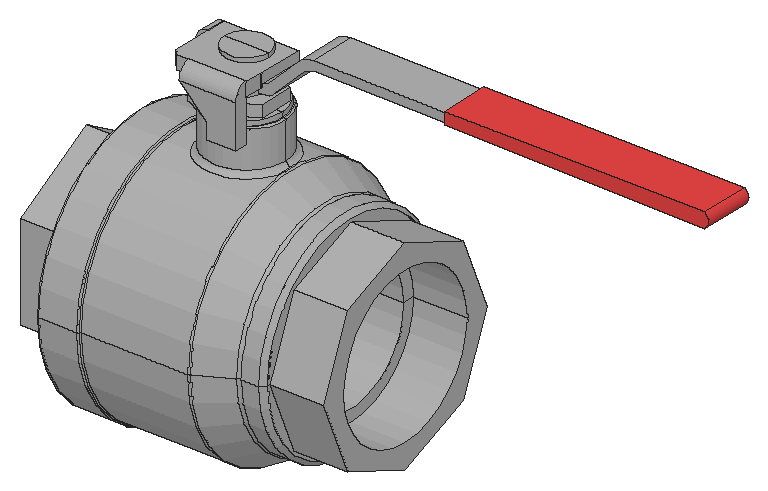
Revit family "QA00300000", category Apparecchi idraulici, Revit 2016
Family settings
  Tipo di parte = Normale
  Quota connettore circolare = Usa diametro
  Numero OmniClass = 23.45.00.00
  Titolo OmniClass = Sanitary, Laundry, and Cleaning Equipment
  Basato su piano di lavoro = No
  Sempre verticale = Sì
  Taglio con vuoti quando caricato = No
  Condiviso = No
  Punto di calcolo locali = No
Parameters
  URL = "https://web.cimberio.it/index.php/figura/72?subcategoria_id=41693"
  DN Model [instance] = QA00301100 : QA00301100
  DN [instance] = 100 mm
Reference planes
  plane 1 "Centro (Fronte/Retro)": y = 0
  plane 2: z = 0
  plane 3 "Centro (Sinistra/Destra)": x = 0
Dimensions and locks
  aligned and locked: level to plane 2
Nested families
  nested 1: "QA00301100" at (0, 0, 0), type <- "DN Model", type "QA00301100"
  nested 2: "QA00301100" at (0, 0, 0), type <- "DN Model", type "QA00301100"
  nested 3: "QA00301100" at (0, 0, 0), type <- "DN Model", type "QA00301100"
  nested 4: "QA00301100" at (0, 0, 0), type <- "DN Model", type "QA00301100"
  nested 5: "QA00301100" at (0, 0, 0), type <- "DN Model", type "QA00301100"
  nested 6: "QA00301100" at (0, 0, 0), type <- "DN Model", type "QA00301100"
  nested 7: "QA00301100" at (0, 0, 0), type <- "DN Model", type "QA00301100"
  nested 8: "QA00301100" at (0, 0, 0), type <- "DN Model", type "QA00301100"
  nested 9: "QA00301100" at (0, 0, 0), type <- "DN Model", type "QA00301100"
  nested 10: "QA00301100" at (0, 0, 0), type <- "DN Model", type "QA00301100"
  nested 11: "QA00301100" at (0, 0, 0), type <- "DN Model", type "QA00301100"
Connectors
  piping at (102.004, 0, 0), diameter 100, driven by "DN"
    settings: on nested 1, index 2, connector inside diameter 609.6 mm, connector length 0 mm, flow factor 0, pipe flow 0.0 L/s, pressure drop 0.0 Pa, fitting loss kfactor 0, connector angle 0.00°, fixture units 0, engagement length 0 mm, angle of deflection 0.00°, flow configuration 0, flow direction 0, fitting loss method 0, system type 7, joint type 0, gender type 0, connector reference index -1, connector utility 0, adjustable connector no, is connector primary yes, connector description ""
  piping at (-103.096, 0, 0), diameter 100, driven by "DN"
    settings: on nested 1, index 3, connector inside diameter 609.6 mm, connector length 0 mm, flow factor 0, pipe flow 0.0 L/s, pressure drop 0.0 Pa, fitting loss kfactor 0, connector angle 0.00°, fixture units 0, engagement length 0 mm, angle of deflection 0.00°, flow configuration 0, flow direction 0, fitting loss method 0, system type 7, joint type 0, gender type 0, connector reference index -1, connector utility 0, adjustable connector no, is connector primary no, connector description ""
Definition of nested family "QA00301100"
  Reference planes
    plane 1 "Centro (Fronte/Retro)": y = 0
    plane 2: z = 0
    plane 3 "Centro (Sinistra/Destra)": x = 0
  Forms (mm)
    Revolve 1, solid
      sketch origin (0, 0, -0.159) x (1, 0, 0) y (0, 1, 0)
        loop
          line (-68.1, 42.75) -> (67, 42.75) -> (67, 67) -> (64, 70) -> (52.34, 70)
          arc (52.34, 70) -> (51.046, 70.17) -> (49.84, 70.67) r 5
          line (49.84, 70.67) -> (29.613, 82.348)
          arc (29.613, 82.348) -> (28.889, 82.648) -> (28.113, 82.75) r 3
          line (28.113, 82.75) -> (-40.75, 82.75) -> (-41.516, 83.516)
          arc (-41.516, 83.516) -> (-41.81, 83.832) -> (-42.207, 84) r 1.028
          line (-42.207, 84) -> (-66.6, 84)
          arc (-66.6, 84) -> (-67.661, 83.561) -> (-68.1, 82.5) r 1.5
          line (-68.1, 82.5) -> (-68.1, 42.75)
        axis (-68.1, 0) -> (67, 0)
      angle from 0 to 360
    Extrusion 2, solid
      sketch origin (-11, 0, 0) x (0, 0, 1) y (0, 1, 0)
        loop
          circle (0, 0) r 50
        loop
          line (-61.5, 0) -> (-30.75, -53.261) -> (30.75, -53.261) -> (61.5, 0) -> (30.75, 53.261) -> (-30.75, 53.261) -> (-61.5, 0)
      from 55.596 to 92.096
    Extrusion 3, solid
      sketch origin (0, 0, 0) x (0, 1, 0) y (0, 0, 1)
        loop
          circle (0, 0) r 50
        loop
          line (0, -65.45) -> (46.28, -46.28) -> (65.45, 0) -> (46.28, 46.28) -> (0, 65.45) -> (-46.28, 46.28) -> (-65.45, 0) -> (-46.28, -46.28) -> (0, -65.45)
      from 64 to 102.004
    Revolve 4, solid
      sketch origin (0, 0, 0) x (1, 0, 0) y (0, 0, 1)
        loop
          line (0, 113) -> (0, 82.138) -> (28.117, 82.138)
          arc (28.117, 82.138) -> (26.206, 83.62) -> (25.004, 85.719) r 6.229
          line (25.004, 85.719) -> (25.004, 109) -> (24.004, 110) -> (23.004, 110) -> (23.004, 113) -> (0, 113)
        axis (0, 113) -> (0, 82.138)
      angle from 0 to 360
    Extrusion 5, solid
      sketch origin (0, 0, 113) x (1, 0, 0) y (0, 1, 0)
        loop
          line (0, -21.982) -> (19.037, -10.991) -> (19.037, 10.991) -> (0, 21.982) -> (-19.037, 10.991) -> (-19.037, -10.991) -> (0, -21.982)
      from 0 to 7.5
    Revolve 6, solid
      sketch origin (0, 0, 0) x (1, 0, 0) y (0, 0, 1)
        loop
          line (0, 144) -> (-13.996, 144) -> (-13.996, 129.5) -> (-11.996, 129.5) -> (-11.996, 120.5) -> (0, 120.5) -> (0, 144)
        axis (0, 144) -> (0, 120.5)
      angle from 0 to 360
    Extrusion 7, solid
      sketch origin (0, 0, 0) x (1, 0, 0) y (0, 0, 1)
        loop
          line (-23.996, 108) -> (-35.996, 108) -> (-35.996, 100.866)
          arc (-35.996, 100.866) -> (-35.862, 100.366) -> (-35.496, 100) r 1
          line (-35.496, 100) -> (-29.496, 96.536)
          arc (-29.496, 96.536) -> (-29.13, 96.17) -> (-28.996, 95.67) r 1
          line (-28.996, 95.67) -> (-28.996, 80.67) -> (-23.996, 80.67) -> (-23.996, 108)
      from -2.503 to 2.495
    Extrusion 8, solid
      sketch origin (0, 0, 113) x (1, 0, 0) y (0, 1, 0)
        loop
          line (-27, 15) -> (-27, -23.35)
          arc (-27, -23.35) -> (-25.037, -25.037) -> (-23.35, -27) r 17.155
          line (-23.35, -27) -> (21, -27) -> (21, -16.039) -> (21.6, -15) -> (21.6, 15) -> (-27, 15)
      from 20 to 28.5
    Extrusion 9, solid
      sketch origin (0, 0, 0) x (1, 0, 0) y (0, 0, 1)
        loop
          arc (-27, 141.5) -> (-32.657, 139.157) -> (-35, 133.5) r 8
          line (-35, 133.5) -> (-35, 104.82) -> (-28.971, 104.82) -> (-28.971, 133.537)
          arc (-28.971, 133.537) -> (-28.394, 134.931) -> (-27, 135.508) r 1.971
          line (-27, 135.508) -> (-27, 141.5)
      from -15 to -2.503
    Extrusion 10, solid
      sketch origin (-11, 0, 0) x (0, 0, 1) y (0, 1, 0)
        loop
          line (141.95, -27) -> (105.319, -27) -> (105.319, -35) -> (133.073, -35)
          arc (133.073, -35) -> (139.048, -32.705) -> (141.95, -27) r 8.925
      from -32 to 4.492
    Extrusion 11, void
      sketch origin (0, 0, 0) x (1, 0, 0) y (0, 0, 1)
        loop
          line (-15.492, 133.5) -> (-17.496, 133.5) -> (-17.496, 103.089) -> (2.504, 103.089) -> (2.504, 115.504) -> (-15.492, 133.5)
      from 27 to 42.948
    Extrusion 12, solid
      sketch origin (0, 0, 0) x (1, 0, 0) y (0, 0, 1)
        loop
          line (21.604, 135.5) -> (19.995, 135.5) -> (19.995, 129.5) -> (21.604, 129.5)
          arc (21.604, 129.5) -> (26.579, 130.49) -> (30.797, 133.308) r 13
          line (30.797, 133.308) -> (49.646, 152.157)
          arc (49.646, 152.157) -> (52.241, 153.891) -> (55.303, 154.5) r 8
          line (55.303, 154.5) -> (140.003, 154.5) -> (140.003, 160.5) -> (55.303, 160.5)
          arc (55.303, 160.5) -> (49.945, 159.434) -> (45.403, 156.399) r 14
          line (45.403, 156.399) -> (26.554, 137.55)
          arc (26.554, 137.55) -> (24.283, 136.033) -> (21.604, 135.5) r 7
      from -15 to 15
    Extrusion 13, solid
      sketch origin (0, 0, 0) x (1, 0, 0) y (0, 0, 1)
        loop
          line (140.003, 161.5) -> (140.003, 153.5) -> (307.489, 152.623)
          arc (307.489, 152.623) -> (310.025, 157.5) -> (307.489, 162.377) r 5.958
          line (307.489, 162.377) -> (140.003, 161.5)
      from -16 to 16
  Cuts and joins
    Extrusion 11 cuts Revolve 1
    Extrusion 11 cuts Revolve 4
    Extrusion 11 cuts Extrusion 7
    joined: Revolve 1, Extrusion 2, Revolve 4, Extrusion 7
    Extrusion 11 cuts Extrusion 5
    Extrusion 11 cuts Extrusion 8
    Extrusion 11 cuts Extrusion 10
  Dimensions and locks
    aligned and locked: level to plane 2
